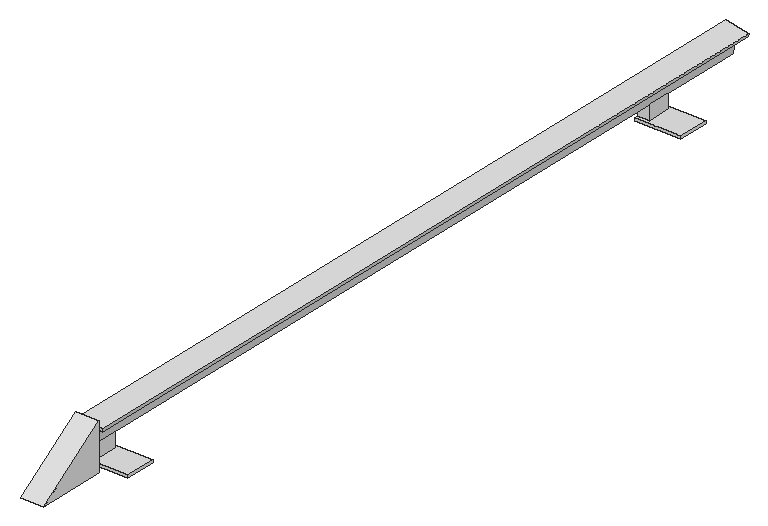
Revit family "Restraints_Serco_MWC-LHD", category Generic Models, host Face, Revit 2026
Family settings
  Host = Face
  Can host rebar = No
  Round Connector Dimension = Use Diameter
  Part Type = Normal
  Cut with Voids When Loaded = No
  Maintain Annotation Orientation = No
  Shared = No
  Room Calculation Point = No
Parameters (values of type "16'")
  URL = "https://www.entrematic.us/en/ent/entrematicus/"
  RailLength = 17' - 6"
  Postioned For = "Left-Hand Drive"
  Model = "SMWC/KMWC"
  Manufacturer = "Entrematic"
  Description = "Manual Surface-Mount Wheel Restraint"
  Default Elevation = 4' - 0"
  Chocking Range = "10', 13', 16'"
Types (4): name | RailLength
  (no name) | 17' - 6"
  13' | 14' - 6"
  10' | 11' - 6"
  16' | 17' - 6"
Reference planes (in)
  plane 1 "Center (Front/Back)": y = 0
  plane 2: z = 0
  plane 3 "Center (Left/Right)": x = 0
  plane 4: y = -35
  plane 5: x = 52
  plane 6: y = -43
  plane 7: x = 64
  plane 8: y = -215
  plane 9: y = -223
  plane 10: y = -225
  plane 11: y = -15
  plane 12: z = 0.75
  plane 13: z = 5
  plane 14: x = 55
  plane 15: y = -42
  plane 16: y = -36
  plane 17: y = -216
  plane 18: y = -222
  plane 19: y = -207
  plane 20: z = 12
  plane 21: x = 58
  plane 22: through (52, -180, 5) normal (0.1736, 0, 0.9848)
  plane 23: through (53.17213, -180, 11.64745) normal (0.1736, 0, 0.9848)
  plane 24: through (53.04189, -180, 10.90885) normal (0.1736, 0, 0.9848)
  plane 25: through (52, -180, 5) normal (-0.9848, 0, 0.1736)
  plane 26: through (54.95442, -180, 4.47906) normal (-0.9848, 0, 0.1736)
  plane 27: through (57.90885, -180, 3.95811) normal (-0.9848, 0, 0.1736)
  plane 28: y = -33
Forms (in)
  Extrusion 1, solid, material "Zinc Plate"
    sketch origin (0, 0, 0) x (1, 0, 0) y (0, 1, 0)
      loop
        line (52, -215) -> (52, -223) -> (64, -223) -> (64, -215) -> (52, -215)
      loop
        line (52, -35) -> (52, -43) -> (64, -43) -> (64, -35) -> (52, -35)
    from 0 to 0.75
  Extrusion 2, solid, material "Zinc Plate"
    sketch origin (0, 0, 0) x (1, 0, 0) y (0, 1, 0)
      loop
        line (52, -36) -> (52, -42) -> (55, -42) -> (55, -36) -> (52, -36)
      loop
        line (52, -216) -> (52, -222) -> (55, -222) -> (55, -216) -> (52, -216)
    from 0.75 to 5
  Extrusion 3, solid, material "Zinc Plate"
    sketch origin (0, 0, 0) x (0, 1, 0) y (0, 0, 1)
      loop
        line (-243, 0) -> (-225, 0) -> (-225, 12) -> (-243, 0)
    from 52 to 58
  Extrusion 4, solid, material "Zinc Plate"
    sketch origin (0, 0, 0) x (1, 0, 0) y (0, 0, 1)
      loop
        line (52, 5) -> (54.95442, 4.47906) -> (55.99631, 10.3879) -> (58.95074, 9.86696) -> (59.08097, 10.60556) -> (53.17213, 11.64745) -> (52, 5)
    from 15 to 225
Dimensions and locks (in)
  locked: plane 6 to plane 4 at 8
  locked: plane 3 "Center (Left/Right)" to plane 5 at 52
  locked: plane 1 "Center (Front/Back)" to plane 4 at 35
  locked: plane 7 to plane 5 at 12
  locked: plane 11 to plane 4 at 20
  "RailLength": plane 10 to plane 11
  locked: plane 9 to plane 10 at 2
  locked: plane 8 to plane 9 at 8
  locked: plane 12 to host face at 0.75
  locked: plane 13 to plane 12 at 4.25
  locked: Extrusion 1 to plane 14 at 3
  locked: plane 16 to plane 15 at 6
  locked: Extrusion 1 to plane 16 at 1
  locked: plane 17 to plane 18 at 6
  locked: plane 17 to plane 8 at 1
  locked: plane 5 to plane 21 at 6
  plane 22 to plane 24 to plane 23 = 0' - 6" locked, 0' - 0 3/4" locked
  plane 27 to plane 26 to plane 25 = 0' - 3" locked, 0' - 3" locked
  locked: plane 28 to Extrusion 1 at 2
  locked: Extrusion 3 sketch curve to Extrusion 3 sketch curve at 12
  locked: Extrusion 3 sketch curve to Extrusion 3 sketch curve at 18
  locked: plane 22 to plane 13 (angle 10.00°)
  aligned and locked: plane 2 to host face
  aligned and locked: level to host face
  aligned and locked: Extrusion 1 sketch curve to plane 8
  aligned and locked: plane 5 to Extrusion 1 sketch curve  (x2)
  aligned and locked: Extrusion 1 sketch curve to plane 9
  aligned and locked: Extrusion 1 sketch curve to plane 7  (x2)
  aligned and locked: Extrusion 1 sketch curve to plane 4
  aligned and locked: Extrusion 1 sketch curve to plane 6
  aligned and locked: Extrusion 1 to level
  aligned and locked: Extrusion 1 to plane 12
  aligned and locked: Extrusion 2 sketch curve to plane 16
  aligned and locked: plane 5 to Extrusion 2 sketch curve  (x2)
  aligned and locked: plane 15 to Extrusion 2 sketch curve
  aligned and locked: Extrusion 2 sketch curve to plane 14  (x2)
  aligned and locked: Extrusion 2 sketch curve to plane 17
  aligned and locked: plane 18 to Extrusion 2 sketch curve
  aligned and locked: Extrusion 2 to plane 12
  aligned and locked: plane 13 to Extrusion 2
  aligned and locked: Extrusion 3 sketch curve to plane 10
  aligned and locked: Extrusion 3 sketch curve to level
  aligned and locked: Extrusion 3 to plane 5
  aligned and locked: plane 21 to Extrusion 3
  aligned and locked: plane 25 to Extrusion 4 sketch curve
  aligned and locked: plane 27 to Extrusion 4 sketch curve
  aligned and locked: plane 24 to Extrusion 4 sketch curve
  aligned and locked: Extrusion 4 sketch curve to plane 23
  aligned and locked: Extrusion 4 sketch curve to plane 22
  aligned and locked: Extrusion 4 sketch curve to plane 26
  aligned and locked: plane 10 to Extrusion 4
  aligned and locked: plane 11 to Extrusion 4
  aligned and locked: plane 23 to import instance
  aligned and locked: plane 27 to import instance
  aligned and locked: import instance to plane 28
Automatic sketch dimensions
  host sketch curve to host sketch curve = 8' - 0"  (x2)
